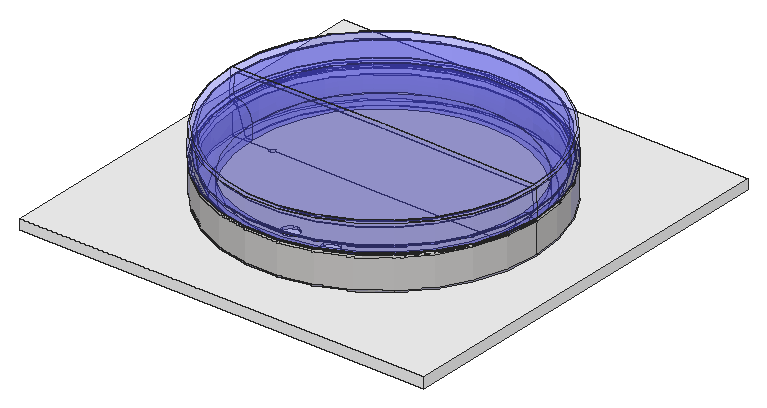
Revit family "BE_50649.2_de_DE", category Leuchten, Revit 2020
Family settings
  Basisbauteil = Fläche
  Bemaßung runder Anschluss = Durchmesser verwenden
  Teiletyp = Normal
  Beim Laden mit Abzugskörper schneiden = Ja
  Lichtquelle = Ja
  Gemeinsam genutzt = Nein
  Raumberechnungspunkt = Ja
Parameters (values of type "BEGA_50649.2_K4")
  built-in parameter 1150104 = 13.852 (stored number, unit not read)
  Wattage = 19.6 W
  Default Elevation = 0 mm
  built-in parameter 1150113 = 1 (stored number, unit not read)
  built-in parameter 1114218 = 1 (stored number, unit not read)
  Umgebungstemperatur = "25 °C"
  URL = "https://www.bega.com/de/produkt/50649.2"
  Typenkommentare = "© 2022 BEGA. Wir behalten uns das Recht vor, technische Änderungen ohne vorherige Ankündigung vorzunehmen."  # constant formula
  Type Image = 50649.2.png
  built-in parameter 1150134 = 12
  built-in parameter 1150109 = 1 (stored number, unit not read)
  Strom = ""
  built-in parameter 1150110 = 1 (stored number, unit not read)
  Spannung = 239.996 V
  Sonderanfertigung = no
  Seriennummer [instance] = "Hier können Sie die eindeutige Seriennummer für das Facility Management eintragen."
  Schutzklasse = "I"
  Schutzart = "IP 64"
  Scheinlast = 0 VA
  Produktdatenblatt = "https://cdn.bega.com/bega/products/50649.2K3/current/documents/data-sheets/de"
  Oberflächentemperatur = ""
  Neigungswinkel = 0.00°
  Modell = "50649.2K4"
  Material_17 = BEGA_Reflektor
  Material_15 = BEGA_Leuchtmedium_matt
  Material_11 = BEGA_Glas_opal
  Material_09 = BEGA_Glas_klar
  Material_06 = BEGA_Oberfläche_Edelstahl_gebürstet
  Material_03 = BEGA_Oberfläche_Weiss_matt
  Material_02 = BEGA_Oberfläche_Silber_matt
  Material_01 [instance] = BEGA_Oberfläche_Grafit_matt
  M_W = no
  M_G = no
  M_A = no
  Logo = 0
  built-in parameter 1114217 = 1 (stored number, unit not read)
  built-in parameter 1150139 = (empty or 0)
  built-in parameter 1150105 = 232.55 (stored number, unit not read)
  built-in parameter 1150114 = 1 (stored number, unit not read)
  Lumens = 2922.36 lm
  built-in parameter 1150115 = 1 (stored number, unit not read)
  Leuchtenlichtstrom = "2019 lm"
  Leuchtenanzahl = ""
  Lebensdauerkriterien = "L70B50 @ 25 °C = 153000 h"
  Lastklassifizierung = Beleuchtung
  built-in parameter 1150112 = 1 (stored number, unit not read)
  Lampenlichtstrom = "3295 lm"
  Lampe = "LED 19.3 W"
  LED_Modulbezeichnung = "LED-0832/940"
  Hersteller = "BEGA"  # constant formula
  Halbstreuwinkel = ""
  Gewicht = "2.6 kg"
  Gebrauchslageneinschränkung [instance] = ""
  Frequenz = "0/50-60 Hz"
  Farbwiedergabeindex = "CRI > 90"
  Farbtemperaturverschiebung bei Dämpfen der Lampe = <Keine Auswahl>
  Farbtemperatur = "4000 K"
  Color Filter = 16777215
  built-in parameter 1150133 = 10 (stored number, unit not read)
  Energieeffizienzklasse = "LED A++ - A"
  built-in parameter 1150137 = (empty or 0)
  built-in parameter 1150132 = (empty or 0)
  ENEC = "ja"
  Dimmbar [instance] = "on/off"
  Datei für fotometrisches Netz = "BE_50649.2K4.IES"
  CE_Konformität = "ja"
  Bestellnummer = "50649.2K4"
  Beschreibung_Sonderanfertigung = "Hier können Sie Informationen zur Sonderanfertigung eintragen."
  Beschreibung = "Decken- und Wandleuchte"
  built-in parameter 1150106 = 2.3255 (stored number, unit not read)
  Befestigungsbohrung = "Ø 5,5 mm"
  Befestigungsabstand = "220 mm"
  Ballwurfsicher = ""
  BEGA_Intern_aus = yes
  BEGA_Intern_an = yes
  BEGA_Intern_Konstruktion = yes
  BEGA_Intern = yes
  BEGA_IES = yes
  BEGA_Dummy = no
  Anschlussleitung = ""
  Anschlussleistung [instance] = "22.5 W"
  Anschlusskasten = ""
  built-in parameter 1150107 = 4000 (stored number, unit not read)
  built-in parameter 1150102 = (empty or 0)
  built-in parameter 1150138 = (empty or 0)
  Aktualisierung = "2022-05-19T04:00:07"
  Abstand_zur_angestrahlten_Fläche [instance] = ""
  AC/DC = "AC/DC"
Types (2, lengths in mm): name | built-in parameter 1150104 | Wattage | built-in parameter 1150134 | Modell | built-in parameter 1150105 | Lumens | Leuchtenlichtstrom | Lampenlichtstrom | LED_Modulbezeichnung | Farbtemperatur | Datei für fotometrisches Netz | Bestellnummer | built-in parameter 1150106 | built-in parameter 1150107
  BEGA_50649.2_K3 | 13.387 (stored number, unit not read) | 0 W | (empty or 0) | "50649.2K3" | (empty or 0) | 0 lm | "1939 lm" | "3165 lm" | "LED-0832/930" | "3000 K" | "BE_50649.2K3.IES" | "50649.2K3" | (empty or 0) | 3000 (stored number, unit not read)
  BEGA_50649.2_K4 | 13.852 (stored number, unit not read) | 19.6 W | 12 | "50649.2K4" | 232.55 (stored number, unit not read) | 2922.36 lm | "2019 lm" | "3295 lm" | "LED-0832/940" | "4000 K" | "BE_50649.2K4.IES" | "50649.2K4" | 2.3255 (stored number, unit not read) | 4000 (stored number, unit not read)
Reference planes
  plane 1 "Mitte (Vorne/Hinten)": y = 0
  plane 2: z = 0
  plane 3 "Mitte (Links/Rechts)": x = 0
  plane 4 "Links": x = -152.499
  plane 5 "Rechts": x = 152.499
  plane 6 "Unten": y = -152.5
  plane 7 "Oben": y = 152.5
  plane 8 "Vorne": z = 66.498
  plane 9 "Hinten": z = 0
Forms (mm)
  Extrusion 1, solid, material "BEGA_Platte_Weiss"
    sketch origin (0, -1119.2, 0) x (1, 0, 0) y (0, 1, 0)
      loop
        line (-200, 1319.2) -> (-200, 919.2) -> (200, 919.2) -> (200, 1319.2) -> (-200, 1319.2)
    from 0 to -10
  Extrusion 2, solid, material "BEGA_Dummy_matt", visible <- "BEGA_Dummy"
    sketch origin (77.149, -76.023, 0) x (1, 0, 0) y (0, 1, 0)
      loop
        circle (-77.149, 76.023) r 152.499
    from 0 to 66.498
Dimensions and locks
  plane 1 "Mitte (Vorne/Hinten)" to Extrusion 1 = 200 mm
  aligned and locked: plane 2 to Extrusion 1
  aligned and locked: level to Extrusion 1
Nested families
  nested 1: "BE_50649.2" at (0, 0, 0) x (-1, 0, 0) z (0, 0, 1), type "BE_50649.2"
Connectors
  electrical at (0, 0, 0), driven by "Lastklassifizierung", driven by "Spannung", driven by "Scheinlast"
    settings: index 1, voltage 239.996 V, apparent load 0 VA, apparent load phase1 0 VA, apparent load phase2 0 VA, apparent load phase3 0 VA, power factor 1, load classification "Beleuchtung", number of poles 1, system type 31, power factor state 1, is connector primary yes, connector utility no, sub classification motor no, connector description ""
Definition of nested family "BE_50649.2"
  Parameters (values of type "BE_50649.2")
    Default Elevation = 1 mm
    URL = "http://www.bega.de/de/produkt"
    Type Comments = "© 2015 BEGA. Wir behalten uns das Recht vor, technische Änderungen ohne vorherige Ankündigung vorzunehmen. "  # constant formula
    Type Image = (empty or 0)
    Neigungswinkel_um_Z2 = 0.00°
    Neigungswinkel_um_Z1 = 0.00°
    Neigungswinkel_um_Y2 = 0.00°
    Neigungswinkel_um_Y1 = 0.00°
    Neigungswinkel_um_X2 = 0.00°
    Neigungswinkel_um_X1 = 0.00°
    Material_17 = none
    Material_15 = none
    Material_11 = none
    Material_09 = none
    Material_06 = none
    Material_05 = none
    Material_03 = none
    Material_02 = none
    Material_01 = none
    M_W = yes
    M_G = yes
    M_A = yes
    Länge_Platte = 400 mm  # constant formula
    Höhe_Platte = -10 mm  # constant formula
    Manufacturer = "BEGA"  # constant formula
    Drehwinkel_um_Z2 = 0.00°
    Drehwinkel_um_Z1 = 0.00°
    Breite_Platte = 400 mm  # constant formula
  Reference planes
    plane 1 "Mitte (Oben/Unten)": y = 0
    plane 2: z = 0
    plane 3 "Mitte (Links/Rechts)": x = 0
    plane 4: x = -152.499
    plane 5: z = 66.498
    plane 6: x = 152.499
    plane 7: y = -152.5
    plane 8: y = 152.5
  Forms (mm)
    Extrusion 1, solid, detail levels medium
      sketch origin (0, 0, 0) x (1, 0, 0) y (0, 1, 0)
        loop
          line (-200, 200) -> (-200, -200) -> (200, -200) -> (200, 200) -> (-200, 200)
      from 0 to -10 <- "Höhe_Platte"
    Revolve 2, solid, material <- "Material_06", detail levels medium+fine
      sketch origin (0, 0, 0) x (1, 0, 0) y (0, 0, 1)
        loop
          arc (-151.35, 3.5) -> (-150.764, 2.086) -> (-149.35, 1.49) r 2
          line (-149.35, 1.49) -> (0, 1.49) -> (0, 3.5) -> (-149.15, 3.5)
          arc (-149.15, 3.5) -> (-149.857, 3.793) -> (-150.15, 4.5) r 1
          line (-150.15, 4.5) -> (-150.15, 33.002) -> (-145.799, 28.651) -> (-144.95, 29.499) -> (-149.043, 33.592)
          arc (-149.043, 33.592) -> (-149.482, 33.886) -> (-150, 33.99) r 1.35
          arc (-150, 33.99) -> (-150.953, 33.596) -> (-151.35, 32.645) r 1.35
          line (-151.35, 32.645) -> (-151.35, 3.5)
        axis (0, 1.49) -> (0, 33.99)
      angle from 0 to 360
    Revolve 3, solid, material <- "Material_06", detail levels medium+fine
      sketch origin (0, 0, 0) x (1, 0, 0) y (0, 0, 1)
        loop
          arc (-119.291, 0.446) -> (-118.533, 0.114) -> (-117.714, 0) r 3
          line (-117.714, 0) -> (-110, 0) -> (-110, 2.209) -> (-122.15, 2.209) -> (-119.291, 0.446)
        axis (-110, 0) -> (-110, 2.209)
      angle from 0 to 360
    Revolve 4, solid, material <- "Material_11", detail levels medium+fine
      sketch origin (0, 0, 0) x (1, 0, 0) y (0, 0, 1)
        loop
          arc (0, 66.498) -> (-74.821, 65.825) -> (-149.633, 64.54) r 9149.238
          arc (-149.633, 64.54) -> (-150.995, 63.965) -> (-151.589, 62.612) r 2
          line (-151.589, 62.612) -> (-152.499, 36.567)
          arc (-152.499, 36.567) -> (-151.938, 35.11) -> (-150.5, 34.5) r 2
          line (-150.5, 34.5) -> (-145, 34.5) -> (-136, 6) -> (-130, 6) -> (-130, 20.512)
          arc (-130, 20.512) -> (-134.491, 32.395) -> (-145.71, 38.354) r 18
          arc (-145.71, 38.354) -> (-147.612, 39.384) -> (-148.327, 41.426) r 3
          line (-148.327, 41.426) -> (-147.754, 57.545)
          arc (-147.754, 57.545) -> (-146.862, 59.577) -> (-144.818, 60.44) r 3
          arc (-144.818, 60.44) -> (-72.413, 61.655) -> (0, 62.297) r 9145.035
          line (0, 62.297) -> (0, 66.498)
        axis (0, 6) -> (0, 66.498)
      angle from 0 to 360
    Extrusion 5, void
      sketch origin (0, 0, 0) x (1, 0, 0) y (0, 1, 0)
        loop
          circle (-110, 0) r 2.75
        loop
          circle (110, 0) r 2.75
        loop
          circle (20, 90) r 8.507
        loop
          circle (-20, 90) r 8.507
      from 0 to 10
    Revolve 6, solid, material <- "Material_06", detail levels medium+fine
      sketch origin (0, 0, 0) x (-1, 0, 0) y (0, 0, -1)
        loop
          line (-119.291, -0.446) -> (-122.15, -2.209) -> (-110, -2.209) -> (-110, 0) -> (-117.714, 0)
          arc (-117.714, 0) -> (-118.533, -0.114) -> (-119.291, -0.446) r 3
        axis (-110, 0) -> (-110, -2.209)
      angle from 0 to 360
  Cuts and joins
    Extrusion 5 cuts Revolve 2
    Extrusion 5 cuts Revolve 3
    Extrusion 5 cuts Revolve 6
    joined: Revolve 2, Revolve 3, Revolve 6
  Dimensions and locks
    equal spacing: Extrusion 1 sketch curve, plane 3 "Mitte (Links/Rechts)", Extrusion 1 sketch curve
    equal spacing: Extrusion 1 sketch curve, plane 1 "Mitte (Oben/Unten)", Extrusion 1 sketch curve
    "Länge_Platte": Extrusion 1 sketch curve to Extrusion 1 sketch curve
    "Breite_Platte": Extrusion 1 sketch curve to Extrusion 1 sketch curve
    aligned and locked: Extrusion 1 to plane 2
    aligned and locked: level to Extrusion 1
  Automatic sketch dimensions
    Revolve 2 sketch curve to Revolve 2 sketch curve = 0 mm  (x9)
    Revolve 2 sketch curve to plane 3 "Mitte (Links/Rechts)" = 0 mm  (x2)
    Revolve 2 sketch curve to Revolve 2 sketch curve = 0.849 mm  (x2)
    Revolve 2 sketch curve to Revolve 2 sketch curve = 4.093 mm
    level to Revolve 2 sketch curve = 3.5 mm
    Revolve 2 sketch curve to Revolve 2 sketch curve = 0.2 mm
    Revolve 2 sketch curve to Revolve 2 sketch curve = 0.957 mm
    Revolve 2 sketch curve to Revolve 2 sketch curve = 0.15 mm  (x2)
    Revolve 2 sketch curve to Revolve 2 sketch curve = 1.2 mm
    level to Revolve 2 sketch curve = 1.49 mm
    Revolve 2 sketch curve to Revolve 2 sketch curve = 24.151 mm
    Revolve 2 sketch curve to Revolve 2 sketch curve = 3.989 mm
    Revolve 2 sketch curve to Revolve 2 sketch curve = 0.005 mm
    Revolve 2 sketch curve to Revolve 2 sketch curve = 0.362 mm
    Revolve 2 sketch curve to Revolve 2 sketch curve = 0.59 mm
    Revolve 2 sketch curve to level = 1.538 mm
    Revolve 2 sketch curve to Revolve 2 sketch curve = 1 mm
    Revolve 2 sketch curve to Revolve 2 sketch curve = 8.697 mm
    level to Revolve 3 sketch curve = 2.209 mm
    level to Revolve 3 sketch curve = 3 mm
    Revolve 3 sketch curve to Revolve 3 sketch curve = 4.435 mm
    Revolve 3 sketch curve to Revolve 3 sketch curve = 7.714 mm
    Revolve 3 sketch curve to level = 0 mm
    level to Revolve 3 sketch curve = 0.446 mm
    Revolve 3 sketch curve to Revolve 3 sketch curve = 1.577 mm
    Revolve 3 sketch curve to Revolve 3 sketch curve = 0.002 mm
    Revolve 3 sketch curve to Revolve 3 sketch curve = 0 mm
    Revolve 3 sketch curve to Revolve 3 sketch curve = 0.649 mm
    Revolve 3 sketch curve to Revolve 3 sketch curve = 0.587 mm
    Extrusion 5 sketch curve to plane 1 "Mitte (Oben/Unten)" = 0 mm  (x2)
    Extrusion 5 sketch curve to plane 3 "Mitte (Links/Rechts)" = 20 mm
    plane 3 "Mitte (Links/Rechts)" to Extrusion 5 sketch curve = 20 mm
    Extrusion 5 sketch curve to Extrusion 5 sketch curve = 0 mm
    Extrusion 5 sketch curve to Extrusion 5 sketch curve = 2.75 mm  (x2)
    level to Revolve 6 sketch curve = 2.209 mm
    level to Revolve 6 sketch curve = 3 mm
    Revolve 6 sketch curve to Revolve 6 sketch curve = 4.435 mm
    Revolve 6 sketch curve to Revolve 6 sketch curve = 7.714 mm
    Revolve 6 sketch curve to level = 0 mm
    level to Revolve 6 sketch curve = 0.446 mm
    Revolve 6 sketch curve to Revolve 6 sketch curve = 1.577 mm
    Revolve 6 sketch curve to Revolve 6 sketch curve = 0.002 mm
    Revolve 6 sketch curve to Revolve 6 sketch curve = 0 mm
    Revolve 6 sketch curve to Revolve 6 sketch curve = 0.587 mm
    Revolve 6 sketch curve to Revolve 6 sketch curve = 0.649 mm
    Revolve 4 sketch curve to plane 3 "Mitte (Links/Rechts)" = 0 mm  (x2)
    Revolve 4 sketch curve to Revolve 4 sketch curve = 0.328 mm
    Revolve 4 sketch curve to Revolve 4 sketch curve = 3 mm
    Revolve 4 sketch curve to Revolve 4 sketch curve = 2.998 mm  (x2)
    Revolve 4 sketch curve to Revolve 4 sketch curve = 4.835 mm
    Revolve 4 sketch curve to Revolve 4 sketch curve = 2.173 mm
    Revolve 4 sketch curve to Revolve 4 sketch curve = 1.999 mm  (x2)
    plane 3 "Mitte (Links/Rechts)" to Revolve 4 sketch curve = 44.83 mm
    Revolve 4 sketch curve to Revolve 4 sketch curve = 0.01 mm  (x2)
    Revolve 4 sketch curve to Revolve 4 sketch curve = 0.071 mm
    Revolve 4 sketch curve to Revolve 4 sketch curve = 5.1 mm
    Revolve 4 sketch curve to Revolve 4 sketch curve = 16.014 mm
    Revolve 4 sketch curve to Revolve 4 sketch curve = 0.097 mm
    Revolve 4 sketch curve to Revolve 4 sketch curve = 4.859 mm
    Revolve 4 sketch curve to Revolve 4 sketch curve = 0.067 mm
    Revolve 4 sketch curve to Revolve 4 sketch curve = 0 mm  (x7)
    Revolve 4 sketch curve to Revolve 4 sketch curve = 13.988 mm
    Revolve 4 sketch curve to Revolve 4 sketch curve = 14 mm
    level to Revolve 4 sketch curve = 6 mm
    Revolve 4 sketch curve to level = 9082.629 mm
    Revolve 4 sketch curve to Revolve 4 sketch curve = 0.002 mm
    Revolve 4 sketch curve to Revolve 4 sketch curve = 0.382 mm
    Revolve 4 sketch curve to Revolve 4 sketch curve = 11.5 mm
    plane 3 "Mitte (Links/Rechts)" to Extrusion 5 sketch curve = 110 mm
    plane 3 "Mitte (Links/Rechts)" to Revolve 6 sketch curve = 122.15 mm
    level to Revolve 2 sketch curve = 29.499 mm
    Revolve 2 sketch curve to plane 3 "Mitte (Links/Rechts)" = 144.95 mm
    Revolve 3 sketch curve to plane 3 "Mitte (Links/Rechts)" = 122.15 mm
    Revolve 4 sketch curve to plane 3 "Mitte (Links/Rechts)" = 130 mm
    Revolve 4 sketch curve to Revolve 4 sketch curve = 6 mm
    Revolve 4 sketch curve to Revolve 4 sketch curve = 14.756 mm
    Revolve 4 sketch curve to Revolve 4 sketch curve = 15 mm
    Extrusion 5 sketch curve to plane 3 "Mitte (Links/Rechts)" = 110 mm
    Revolve 4 sketch curve to Revolve 4 sketch curve = 14.5 mm
    level to Revolve 4 sketch curve = 62.297 mm
    Revolve 4 sketch curve to Revolve 4 sketch curve = 4.201 mm
    Extrusion 5 sketch curve to plane 1 "Mitte (Oben/Unten)" = 90 mm
    radius of Extrusion 5 sketch curve = 8.507 mm  (x2)
